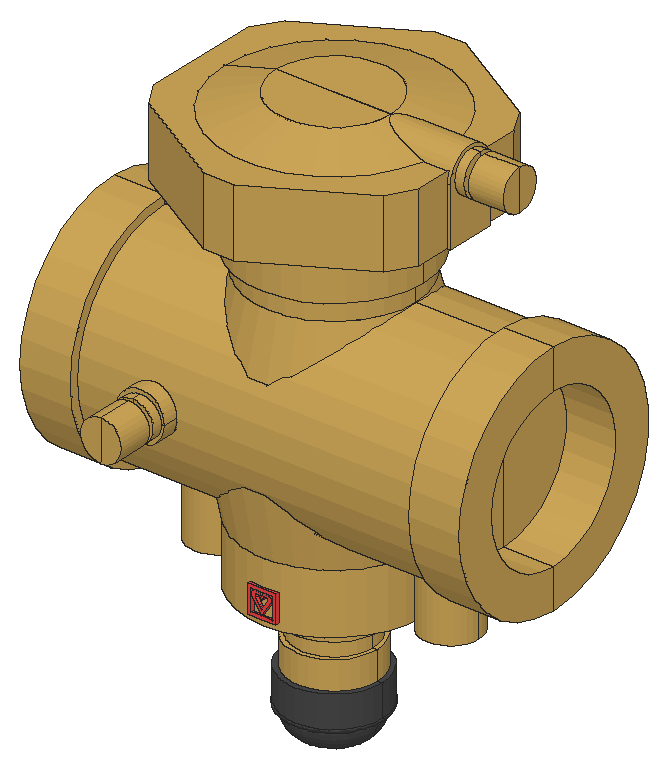
Revit family "Комби-клапан – регулятор расхода 4206_R", category Rohrzubehör, Revit 2018
Family settings
  Bemaßung runder Anschluss = Durchmesser verwenden
  Teiletyp = Unterbricht
  OmniClass-Nummer = 23.65.55.14
  OmniClass-Titel = Valves for Liquid Services
  Arbeitsebenenbasiert = Nein
  Immer vertikal = Ja
  Beim Laden mit Abzugskörper schneiden = Nein
  Gemeinsam genutzt = Nein
Parameters
  Среда = "Качество теплоносителя в соответствии с ÖNORM H5195 и/или предписаниями VDI-Standard 2035.\nРазрешается использование смеси этилен- или пропиленгликоля в соотношении 25-50% с водой."
  Номер заказа [instance] = size_lookup("4206R_", "Artnr", 0, Nennweite)  # 1420646
  Мин. рабочая температура (антифриз) = -20 °C  # constant formula
  Макс. рабочая температура до DN32 = 130 °C  # constant formula
  Макс. рабочая температура от DN40 = 110 °C  # constant formula
  Макс. рабочее давление = 2500000.0 Pa  # constant formula
  URL = "www.herz-armaturen.ru"
  Шпиндель = "Нержавеющая сталь 14301"  # constant formula
  SCRNSEQ = "ARM;ARM_TYP=\"DURR\";2"
  SCRNCODE = "05;04;02"  # constant formula
  S03 [instance] = H08 + (S02 / 2)  # 72.750 mm
  S02 [instance] = H09 + 4.700 mm  # 26.500 mm
  S01 [instance] = G01 * 2  # 75.200 mm
  R12 = 3.900 mm  # constant formula
  R11 = 6.500 mm  # constant formula
  R10 = 35.000 mm  # constant formula
  R09 = 18.250 mm  # constant formula
  R08 = 11.300 mm  # constant formula
  R07 [instance] = size_lookup("4206R_", "R7", 17.300 mm, Nennweite)  # 28.500 mm
  R06 [instance] = size_lookup("4206R_", "R6", 19.000 mm, Nennweite)  # 28.000 mm
  R05 = 15.000 mm  # constant formula
  R04 = 12.500 mm  # constant formula
  R02 [instance] = size_lookup("4206R_", "R2", 15.000 mm, Nennweite)  # 26.000 mm
  R01 [instance] = size_lookup("4206R_", "R1", 11.500 mm, Nennweite)  # 35.000 mm
  PN = 25  # constant formula
  Кольцевое уплотнение O-Ring = "EPDM"  # constant formula
  Nennweite [instance] = 50.000 mm
  Мин. рабочая температура (чистая вода) = 2 °C  # constant formula
  Корпус мембраны = "Латунь CW602N"  # constant formula
  Мембрана = "EPDM"  # constant formula
  L06 [instance] = L00 / 2  # 70.000 mm
  L05 = 11.000 mm  # constant formula
  L04 = 1.500 mm  # constant formula
  L03 = 3.200 mm  # constant formula
  L02 = 43.500 mm  # constant formula
  L01 [instance] = size_lookup("4206R_", "L1", 8.000 mm, Nennweite)  # 16.000 mm
  L00 [instance] = size_lookup("4206R_", "L", 66.000 mm, Nennweite)  # 140.000 mm
  Импульсная трубка = "Медь Cu-DHP (CW024A)"  # constant formula
  Ход = 4.000 mm  # constant formula
  Hersteller = "Herz-Armaturen GmbH"  # constant formula
  H13 [instance] = H02 - H05 - H03 - H04 - 2.000 mm  # 52.200 mm
  H12 = 19.250 mm  # constant formula
  H11 [instance] = size_lookup("4206R_", "H11", 59.000 mm, Nennweite)  # 86.000 mm
  H10 [instance] = H08 + H09  # 81.300 mm
  H09 = 21.800 mm  # constant formula
  H08 [instance] = H01 + H06 + H07  # 59.500 mm
  H07 = 4.000 mm  # constant formula
  H06 [instance] = size_lookup("4206R_", "H6", 10.000 mm, Nennweite)  # 14.000 mm
  H05 = 9.000 mm  # constant formula
  H04 [instance] = size_lookup("4206R_", "H4", 9.600 mm, Nennweite)  # 8.500 mm
  H03 [instance] = size_lookup("4206R_", "H3", 13.000 mm, Nennweite)  # 5.700 mm
  H02 [instance] = size_lookup("4206R_", "H2", 55.300 mm, Nennweite)  # 77.400 mm
  H01 [instance] = size_lookup("4206R_", "H1", 18.500 mm, Nennweite)  # 41.500 mm
  Корпус = "Латунь, устойчивая к селективной цинковой коррозии"  # constant formula
  G03 [instance] = Nennweite / 2  # 25.000 mm
  G02 [instance] = size_lookup("4206R_", "G2", 13.900 mm, Nennweite)  # 13.900 mm
  G01 [instance] = size_lookup("4206R_", "G1", 13.200 mm, Nennweite)  # 37.600 mm
  Пружина = "Пружинная нержавеющая сталь"  # constant formula
  DN50 [instance] = Nennweite = 50.000 mm  # yes
  DN40 [instance] = Nennweite = 40.000 mm  # no
  DN32 [instance] = Nennweite = 32.000 mm  # no
  DN25 [instance] = Nennweite = 25.000 mm  # no
  DN20 [instance] = Nennweite = 20.000 mm  # no
  DN15 [instance] = Nennweite = 15.000 mm  # no
  Защитный колпачок = "Пластик"  # constant formula
  Область применения = "Комби-клапан применяется в системах отопления и охлаждения с насосами. Комби-клапан автоматически ограничивает расход на выбранном участке системы до заданного значения, компенсируя все колебания давления. При этом нет необходимости в измерениях, а регулирование эффективно при любых условиях эксплуатации. Комби-клапан регулирует расход в соответствии с настройкой до заданного значения; на мембрану воздействует давление непосредственно до и после регулирующей части."
Reference planes
  plane 1 "Mitte (Vorne/hinten)": y = 0
  plane 2: z = 0
  plane 3 "Mitte (Links/rechts)": x = 0
Forms (mm)
  Revolve 1, solid, material "Messing, weicher Gelbton, geschweißt", detail levels fine
    sketch origin (0, 0, 0) x (1, 0, 0) y (0, 0, 1)
      loop
        line (-54, 0) -> (54, 0) -> (54, 25) -> (70, 25) -> (70, 37.6) -> (54, 37.6) -> (54, 35) -> (-54, 35) -> (-54, 37.6) -> (-70, 37.6) -> (-70, 25) -> (-54, 25) -> (-54, 0)
      axis (-70, 0) -> (70, 0)
    angle from 0 to 360
  Revolve 2, solid, material "Messing, weicher Gelbton, geschweißt", detail levels fine
    sketch origin (0, 0, 0) x (1, 0, 0) y (0, 0, 1)
      loop
        line (0, -77.4) -> (0, 41.5) -> (-26, 41.5) -> (-26, 35) -> (-35, 0) -> (-28, -35) -> (-28, -54.2) -> (-15, -54.2) -> (-15, -62.7) -> (-12.5, -62.7) -> (-12.5, -68.4) -> (-13.9, -68.4) -> (-13.9, -77.4) -> (0, -77.4)
      axis (0, 41.5) -> (0, -77.4)
    angle from 0 to 360
  Revolve 3, solid, material "Messing, weicher Gelbton, geschweißt", detail levels fine
    sketch origin (0, 0, 0) x (1, 0, 0) y (0, 0, 1)
      loop
        line (0, 41.5) -> (0, 59.5) -> (-11.3, 59.5) -> (-11.3, 55.5) -> (-28.5, 55.5) -> (-28.5, 41.5) -> (0, 41.5)
      axis (0, 59.5) -> (0, 41.5)
    angle from 0 to 360
  Extrusion 4, solid, material "Messing, weicher Gelbton, geschweißt", detail levels fine
    sketch origin (0, 0, 0) x (0, -1, 0) y (1, 0, 0)
      loop
        line (-46, -4.75) -> (-27.114, -37.462) -> (-18.886, -42.212) -> (18.886, -42.212) -> (27.114, -37.462) -> (46, -4.75) -> (46, 4.75) -> (27.114, 37.462) -> (18.886, 42.212) -> (-18.886, 42.212) -> (-27.114, 37.462) -> (-46, 4.75) -> (-46, -4.75)
    from 59.5 to 81.3
  Revolve 5, solid, material "Messing, weicher Gelbton, geschweißt", detail levels fine
    sketch origin (0, 0, 0) x (1, 0, 0) y (0, 0, 1)
      loop
        line (0, 81.3) -> (0, 86) -> (-18.25, 86) -> (-35, 81.3) -> (0, 81.3)
      axis (0, 86) -> (0, 81.3)
    angle from 0 to 360
  Extrusion 6, solid, material "Messing, weicher Gelbton, geschweißt", detail levels fine
    sketch origin (0, 0, 0) x (0, 1, 0) y (0, 0, 1)
      loop
        arc (7.85, 78.15) -> (0, 86) -> (-7.85, 78.15) r 7.85
        line (-7.85, 78.15) -> (-7.85, 59.5) -> (7.85, 59.5) -> (7.85, 78.15)
    from 0 to 43.5
  Revolve 7, solid, material "Messing, weicher Gelbton, geschweißt", detail levels fine
    sketch origin (0, 0, 0) x (1, 0, 0) y (0, 0, 1)
      loop
        line (43.5, 78.75) -> (59.2, 78.75) -> (59.2, 85.25) -> (48.2, 85.25) -> (48.2, 82.65) -> (46.7, 82.65) -> (46.7, 85.25) -> (43.5, 85.25) -> (43.5, 78.75)
      axis (43.5, 78.75) -> (59.2, 78.75)
    angle from 0 to 360
  Revolve 8, solid, material "Messing, weicher Gelbton, geschweißt", visible <- "DN15", detail levels fine
    sketch origin (0, 0, 0) x (1, 0, 0) y (0, 1, 0)
      loop
        line (-12.5, 24) -> (-20.2, 24) -> (-20.2, 0) -> (-21.5, 0) -> (-21.5, -27) -> (-12.5, -27) -> (-12.5, 24)
      axis (-12.5, 24) -> (-12.5, -27)
    angle from 0 to 360
  Revolve 9, solid, material "Messing, weicher Gelbton, geschweißt", visible <- "DN15", detail levels fine
    sketch origin (-12.5, 0, 0) x (0, 1, 0) y (0, 0, 1)
      loop
        line (24, 0) -> (39.7, 0) -> (39.7, 6.5) -> (28.7, 6.5) -> (28.7, 3.9) -> (27.2, 3.9) -> (27.2, 6.5) -> (24, 6.5) -> (24, 0)
      axis (24, 0) -> (39.7, 0)
    angle from 0 to 360
  Revolve 10, solid, material "Messing, weicher Gelbton, geschweißt", visible <- "DN15", detail levels fine
    sketch origin (0, 0, 0) x (1, 0, 0) y (0, 1, 0)
      loop
        line (12.5, 0) -> (12.5, -27) -> (21.6, -27) -> (21.6, 0) -> (12.5, 0)
      axis (12.5, 0) -> (12.5, -27)
    angle from 0 to 360
  Revolve 11, solid, material "Messing, weicher Gelbton, geschweißt", visible <- "DN20", detail levels fine
    sketch origin (-2, 0, 0) x (1, 0, 0) y (0, 1, 0)
      loop
        line (-12.5, 27) -> (-20.2, 27) -> (-20.2, 0) -> (-21.5, 0) -> (-21.5, -29) -> (-12.5, -29) -> (-12.5, 27)
      axis (-12.5, 27) -> (-12.5, -29)
    angle from 0 to 360
  Revolve 12, solid, material "Messing, weicher Gelbton, geschweißt", visible <- "DN20", detail levels fine
    sketch origin (2, 0, 0) x (1, 0, 0) y (0, 1, 0)
      loop
        line (12.5, 0) -> (12.5, -29) -> (21.6, -29) -> (21.6, 0) -> (12.5, 0)
      axis (12.5, 0) -> (12.5, -29)
    angle from 0 to 360
  Revolve 13, solid, material "Messing, weicher Gelbton, geschweißt", visible <- "DN20", detail levels fine
    sketch origin (-14.5, 3, 0) x (0, 1, 0) y (0, 0, 1)
      loop
        line (24, 0) -> (39.7, 0) -> (39.7, 6.5) -> (28.7, 6.5) -> (28.7, 3.9) -> (27.2, 3.9) -> (27.2, 6.5) -> (24, 6.5) -> (24, 0)
      axis (24, 0) -> (39.7, 0)
    angle from 0 to 360
  Revolve 14, solid, material "Messing, weicher Gelbton, geschweißt", visible <- "DN25", detail levels fine
    sketch origin (-2.1, 0, 0) x (1, 0, 0) y (0, 1, 0)
      loop
        line (-12.5, 27) -> (-20.2, 27) -> (-20.2, 0) -> (-21.5, 0) -> (-21.5, -29) -> (-12.5, -29) -> (-12.5, 27)
      axis (-12.5, 27) -> (-12.5, -29)
    angle from 0 to 360
  Revolve 15, solid, material "Messing, weicher Gelbton, geschweißt", visible <- "DN25", detail levels fine
    sketch origin (-14.6, 3, 0) x (0, 1, 0) y (0, 0, 1)
      loop
        line (24, 0) -> (39.7, 0) -> (39.7, 6.5) -> (28.7, 6.5) -> (28.7, 3.9) -> (27.2, 3.9) -> (27.2, 6.5) -> (24, 6.5) -> (24, 0)
      axis (24, 0) -> (39.7, 0)
    angle from 0 to 360
  Revolve 16, solid, material "Messing, weicher Gelbton, geschweißt", visible <- "DN25", detail levels fine
    sketch origin (2.1, 0, 0) x (1, 0, 0) y (0, 1, 0)
      loop
        line (12.5, 0) -> (12.5, -29) -> (21.6, -29) -> (21.6, 0) -> (12.5, 0)
      axis (12.5, 0) -> (12.5, -29)
    angle from 0 to 360
  Revolve 17, solid, material "Messing, weicher Gelbton, geschweißt", visible <- "DN32", detail levels fine
    sketch origin (0, 0, 0.637) x (1, 0, 0) y (0, 0, 1)
      loop
        line (-31.5, -0.637) -> (-40.5, -0.637) -> (-40.5, -43.437) -> (-31.5, -43.437) -> (-31.5, -0.637)
      axis (-31.5, -43.437) -> (-31.5, -0.637)
    angle from 0 to 360
  Revolve 18, solid, material "Messing, weicher Gelbton, geschweißt", visible <- "DN32", detail levels fine
    sketch origin (0, 0, 0.637) x (-1, 0, 0) y (0, 0, 1)
      loop
        line (-31.5, -0.637) -> (-40.5, -0.637) -> (-40.5, -43.437) -> (-31.5, -43.437) -> (-31.5, -0.637)
      axis (-31.5, -43.437) -> (-31.5, -0.637)
    angle from 0 to 360
  Revolve 19, solid, material "Messing, weicher Gelbton, geschweißt", visible <- "DN40", detail levels fine
    sketch origin (0, 0, 0) x (1, 0, 0) y (0, 0, 1)
      loop
        line (-37, 0) -> (-46, 0) -> (-46, -54.2) -> (-37, -54.2) -> (-37, 0)
      axis (-37, 0) -> (-37, -54.2)
    angle from 0 to 360
  Revolve 20, solid, material "Messing, weicher Gelbton, geschweißt", visible <- "DN40", detail levels fine
    sketch origin (0, 0, 0) x (-1, 0, 0) y (0, 0, 1)
      loop
        line (-37, 0) -> (-46, 0) -> (-46, -54.2) -> (-37, -54.2) -> (-37, 0)
      axis (-37, 0) -> (-37, -54.2)
    angle from 0 to 360
  Revolve 21, solid, material "Messing, weicher Gelbton, geschweißt", visible <- "DN50", detail levels fine
    sketch origin (-0.1, 0, 0) x (1, 0, 0) y (0, 0, 1)
      loop
        line (-37, 0) -> (-46, 0) -> (-46, -54.2) -> (-37, -54.2) -> (-37, 0)
      axis (-37, 0) -> (-37, -54.2)
    angle from 0 to 360
  Revolve 22, solid, material "Messing, weicher Gelbton, geschweißt", visible <- "DN50", detail levels fine
    sketch origin (0.1, 0, 0) x (-1, 0, 0) y (0, 0, 1)
      loop
        line (-37, 0) -> (-46, 0) -> (-46, -54.2) -> (-37, -54.2) -> (-37, 0)
      axis (-37, 0) -> (-37, -54.2)
    angle from 0 to 360
  Revolve 23, solid, material "Messing, weicher Gelbton, geschweißt", visible <- "DN32", detail levels fine
    sketch origin (-9.5, 0, 0) x (1, 0, 0) y (0, 1, 0)
      loop
        line (-12.5, -31) -> (-12.5, 0) -> (-20.2, 0) -> (-20.2, -31) -> (-12.5, -31)
      axis (-12.5, 0) -> (-12.5, -31)
    angle from 0 to 360
  Revolve 24, solid, material "Messing, weicher Gelbton, geschweißt", visible <- "DN32", detail levels fine
    sketch origin (-22, -7, 0) x (0, -1, 0) y (0, 0, -1)
      loop
        line (24, 0) -> (24, -6.5) -> (27.2, -6.5) -> (27.2, -3.9) -> (28.7, -3.9) -> (28.7, -6.5) -> (39.7, -6.5) -> (39.7, 0) -> (24, 0)
      axis (24, 0) -> (39.7, 0)
    angle from 0 to 360
  Revolve 25, solid, material "Messing, weicher Gelbton, geschweißt", visible <- "DN40", detail levels fine
    sketch origin (-17.5, 0, 0) x (1, 0, 0) y (0, 1, 0)
      loop
        line (-12.5, -39.5) -> (-12.5, 0) -> (-20.2, 0) -> (-20.2, -39.5) -> (-12.5, -39.5)
      axis (-12.5, 0) -> (-12.5, -39.5)
    angle from 0 to 360
  Revolve 26, solid, material "Messing, weicher Gelbton, geschweißt", visible <- "DN40", detail levels fine
    sketch origin (-30, -15.5, 0) x (0, -1, 0) y (0, 0, -1)
      loop
        line (24, 0) -> (24, -6.5) -> (27.2, -6.5) -> (27.2, -3.9) -> (28.7, -3.9) -> (28.7, -6.5) -> (39.7, -6.5) -> (39.7, 0) -> (24, 0)
      axis (24, 0) -> (39.7, 0)
    angle from 0 to 360
  Revolve 27, solid, material "Messing, weicher Gelbton, geschweißt", visible <- "DN50", detail levels fine
    sketch origin (-17.6, 0, 0) x (1, 0, 0) y (0, 1, 0)
      loop
        line (-12.5, -39.5) -> (-12.5, 0) -> (-20.2, 0) -> (-20.2, -39.5) -> (-12.5, -39.5)
      axis (-12.5, 0) -> (-12.5, -39.5)
    angle from 0 to 360
  Revolve 28, solid, material "Messing, weicher Gelbton, geschweißt", visible <- "DN50", detail levels fine
    sketch origin (-30.1, -15.5, 0) x (0, -1, 0) y (0, 0, -1)
      loop
        line (24, 0) -> (24, -6.5) -> (27.2, -6.5) -> (27.2, -3.9) -> (28.7, -3.9) -> (28.7, -6.5) -> (39.7, -6.5) -> (39.7, 0) -> (24, 0)
      axis (24, 0) -> (39.7, 0)
    angle from 0 to 360
Lines and regions (mm)
  model lines, detail levels coarse+medium
    curve 1: line (-70, 0, 37.6) -> (-70, 0, -37.6)
    curve 2: line (-70, 0, -37.6) -> (70, 0, 37.6)
    curve 3: line (70, 0, 37.6) -> (70, 0, -37.6)
    curve 4: line (70, 0, -37.6) -> (-70, 0, 37.6)
    curve 5: line (0, 0, 41.5) -> (0, 0, 59.5)
    curve 6: spline (-43.5, 0, 72.75) -> (-42.018, 0, 76.179) -> (-37.672, 0, 79.375) -> (-30.759, 0, 82.119) -> (-21.75, 0, 84.225) -> (-11.259, 0, 85.549) -> (0, 0, 86) -> (11.259, 0, 85.549) -> (21.75, 0, 84.225) -> (30.759, 0, 82.119) -> (37.672, 0, 79.375) -> (42.018, 0, 76.179) -> (43.5, 0, 72.75) -> (42.018, 0, 69.321) -> (37.672, 0, 66.125) -> (30.759, 0, 63.381) -> (21.75, 0, 61.275) -> (11.259, 0, 59.951) -> (0, 0, 59.5) -> (-11.259, 0, 59.951) -> (-21.75, 0, 61.275) -> (-30.759, 0, 63.381) -> (-37.672, 0, 66.125) -> (-42.018, 0, 69.321) -> (-43.5, 0, 72.75)
    curve 7: line (-70, 37.6, 0) -> (-70, -37.6, 0)
    curve 8: line (-70, -37.6, 0) -> (70, 37.6, 0)
    curve 9: line (70, 37.6, 0) -> (70, -37.6, 0)
    curve 10: line (70, -37.6, 0) -> (-70, 37.6, 0)
    curve 11: line (0, -41.5, 0) -> (0, -59.5, 0)
    curve 12: spline (-43.5, -72.75, 0) -> (-42.018, -69.321, 0) -> (-37.672, -66.125, 0) -> (-30.759, -63.381, 0) -> (-21.75, -61.275, 0) -> (-11.259, -59.951, 0) -> (0, -59.5, 0) -> (11.259, -59.951, 0) -> (21.75, -61.275, 0) -> (30.759, -63.381, 0) -> (37.672, -66.125, 0) -> (42.018, -69.321, 0) -> (43.5, -72.75, 0) -> (42.018, -76.179, 0) -> (37.672, -79.375, 0) -> (30.759, -82.119, 0) -> (21.75, -84.225, 0) -> (11.259, -85.549, 0) -> (0, -86, 0) -> (-11.259, -85.549, 0) -> (-21.75, -84.225, 0) -> (-30.759, -82.119, 0) -> (-37.672, -79.375, 0) -> (-42.018, -76.179, 0) -> (-43.5, -72.75, 0)
    curve 13: line (0, 0, 41.5) -> (-35, 0, 18.8)
    curve 14: line (0, 0, 41.5) -> (35, 0, 18.8)
    curve 15: line (0, -41.5, 0) -> (-35, -18.8, 0)
    curve 16: line (0, -41.5, 0) -> (35, -18.8, 0)
Dimensions and locks
  equal spacing: Revolve 1 sketch curve, plane 3 "Mitte (Links/rechts)", Revolve 1 sketch curve
  "L00": Revolve 1 sketch curve to Revolve 1 sketch curve
  "G01": Revolve 1 sketch curve to Revolve 1 sketch curve  (x2)
  "R01": Revolve 1 sketch curve to Revolve 1 sketch curve
  "L01": Revolve 1 sketch curve to Revolve 1 sketch curve  (x4)
  "H01": Revolve 2 sketch curve to plane 2
  "R01": Revolve 2 sketch curve to plane 2
  "R02": Revolve 2 sketch curve to Revolve 2 sketch curve
  "R01": Revolve 2 sketch curve to Revolve 2 sketch curve
  "H02": plane 2 to Revolve 2 sketch curve
  "G02": plane 3 "Mitte (Links/rechts)" to Revolve 2 sketch curve
  "H05": Revolve 2 sketch curve to Revolve 2 sketch curve
  "R04": Revolve 2 sketch curve to Revolve 2 sketch curve
  "R05": Revolve 2 sketch curve to Revolve 2 sketch curve
  "R06": Revolve 2 sketch curve to Revolve 2 sketch curve
  "R01": plane 2 to Revolve 2 sketch curve
  "H03": Revolve 2 sketch curve to Revolve 2 sketch curve
  "H04": Revolve 2 sketch curve to Revolve 2 sketch curve
  "H01": Revolve 3 sketch curve to plane 2
  "H06": Revolve 3 sketch curve to Revolve 3 sketch curve
  "R07": Revolve 3 sketch curve to Revolve 3 sketch curve
  "H07": Revolve 3 sketch curve to Revolve 3 sketch curve
  "R08": Revolve 3 sketch curve to Revolve 3 sketch curve
  "H08": Extrusion 4 to plane 2
  "H09": Extrusion 4 to Extrusion 4
  "H10": Revolve 5 sketch curve to plane 2
  "H11": Revolve 5 sketch curve to plane 2
  "R09": Revolve 5 sketch curve to Revolve 5 sketch curve
  "R10": Revolve 5 sketch curve to Revolve 5 sketch curve
  "L02": Extrusion 6 to plane 3 "Mitte (Links/rechts)"
  "H08": Extrusion 6 to plane 2
  "H12": Revolve 7 sketch curve to Extrusion 4
  "R11": Revolve 7 sketch curve to Revolve 7 sketch curve  (x2)
  "L03": Revolve 7 sketch curve to Revolve 7 sketch curve
  "L04": Revolve 7 sketch curve to Revolve 7 sketch curve
  "L05": Revolve 7 sketch curve to Revolve 7 sketch curve
  "R12": Revolve 7 sketch curve to Revolve 7 sketch curve
  "R11": Revolve 9 sketch curve to Revolve 9 sketch curve  (x2)
  "L03": Revolve 9 sketch curve to Revolve 9 sketch curve
  "L04": Revolve 9 sketch curve to Revolve 9 sketch curve
  "L05": Revolve 9 sketch curve to Revolve 9 sketch curve
  "R12": Revolve 9 sketch curve to Revolve 9 sketch curve
  "R06": plane 1 "Mitte (Vorne/hinten)" to nested 1
  Revolve 11 sketch curve to plane 1 "Mitte (Vorne/hinten)" = 29.000 mm
  plane 1 "Mitte (Vorne/hinten)" to Revolve 11 sketch curve = 27.000 mm
  Revolve 12 sketch curve to plane 1 "Mitte (Vorne/hinten)" = 29.000 mm
  "R11": Revolve 13 sketch curve to Revolve 13 sketch curve  (x2)
  "L03": Revolve 13 sketch curve to Revolve 13 sketch curve
  "L04": Revolve 13 sketch curve to Revolve 13 sketch curve
  "L05": Revolve 13 sketch curve to Revolve 13 sketch curve
  "R12": Revolve 13 sketch curve to Revolve 13 sketch curve
  "H13": plane 2 to nested 1
  "R11": Revolve 15 sketch curve to Revolve 15 sketch curve  (x2)
  "L03": Revolve 15 sketch curve to Revolve 15 sketch curve
  "L04": Revolve 15 sketch curve to Revolve 15 sketch curve
  "L05": Revolve 15 sketch curve to Revolve 15 sketch curve
  "R12": Revolve 15 sketch curve to Revolve 15 sketch curve
  plane 3 "Mitte (Links/rechts)" to Revolve 17 sketch curve = 31.500 mm
  Revolve 17 sketch curve to Revolve 17 sketch curve = 9.000 mm
  plane 2 to Revolve 17 sketch curve = 42.800 mm
  Revolve 18 sketch curve to Revolve 18 sketch curve = 9.000 mm
  "H02": plane 2 to nested 2
  "G03": Revolve 1 sketch curve to plane 2  (x2)
  "S01": curve 4 to curve 2
  equal spacing: curve 4, plane 2, curve 2
  equal spacing: curve 3, plane 2, curve 4
  "S01": curve 3 to curve 4
  equal spacing: curve 1, plane 3 "Mitte (Links/rechts)", curve 3
  "L00": curve 1 to curve 3
  "H08": curve 5 to plane 2
  "S02": curve 6 to curve 6
  "L02": curve 6 to plane 3 "Mitte (Links/rechts)" to curve 6
  "S03": curve 6 to plane 2
  equal spacing: curve 7, plane 3 "Mitte (Links/rechts)", curve 9
  "L00": curve 7 to curve 9
  equal spacing: curve 8, plane 1 "Mitte (Vorne/hinten)", curve 10
  "S01": curve 10 to curve 8
  equal spacing: curve 10, plane 1 "Mitte (Vorne/hinten)", curve 9
  "S01": curve 9 to curve 10
  "H08": curve 11 to plane 1 "Mitte (Vorne/hinten)"
  "S02": curve 12 to curve 12
  "L02": curve 12 to plane 3 "Mitte (Links/rechts)" to curve 12
  "S03": curve 12 to plane 1 "Mitte (Vorne/hinten)"
  equal spacing: plane 3 "Mitte (Links/rechts)", curve 13, curve 4
  equal spacing: curve 3, curve 14, plane 3 "Mitte (Links/rechts)"
  "H01": curve 14 to plane 2
  equal spacing: plane 3 "Mitte (Links/rechts)", curve 15, curve 8
  equal spacing: curve 10, curve 16, plane 3 "Mitte (Links/rechts)"
  "H01": curve 16 to plane 1 "Mitte (Vorne/hinten)"
  "R11": Revolve 24 sketch curve to Revolve 24 sketch curve  (x2)
  "L03": Revolve 24 sketch curve to Revolve 24 sketch curve
  "L04": Revolve 24 sketch curve to Revolve 24 sketch curve
  "L05": Revolve 24 sketch curve to Revolve 24 sketch curve
  "R12": Revolve 24 sketch curve to Revolve 24 sketch curve
  Revolve 23 sketch curve to Revolve 23 sketch curve = 31.000 mm
  "R11": Revolve 26 sketch curve to Revolve 26 sketch curve  (x2)
  "L03": Revolve 26 sketch curve to Revolve 26 sketch curve
  "L04": Revolve 26 sketch curve to Revolve 26 sketch curve
  "L05": Revolve 26 sketch curve to Revolve 26 sketch curve
  "R12": Revolve 26 sketch curve to Revolve 26 sketch curve
  Revolve 25 sketch curve to Revolve 25 sketch curve = 39.500 mm
  "R11": Revolve 28 sketch curve to Revolve 28 sketch curve  (x2)
  "L03": Revolve 28 sketch curve to Revolve 28 sketch curve
  "L04": Revolve 28 sketch curve to Revolve 28 sketch curve
  "L05": Revolve 28 sketch curve to Revolve 28 sketch curve
  "R12": Revolve 28 sketch curve to Revolve 28 sketch curve
  Revolve 27 sketch curve to Revolve 27 sketch curve = 39.500 mm
  aligned and locked: level to plane 2
Automatic sketch dimensions
  plane 3 "Mitte (Links/rechts)" to Extrusion 4 sketch curve = 4.750 mm  (x2)
  Extrusion 4 sketch curve to plane 1 "Mitte (Vorne/hinten)" = 46.000 mm
  Extrusion 4 sketch curve to plane 1 "Mitte (Vorne/hinten)" = 27.114 mm  (x2)
  Extrusion 4 sketch curve to Extrusion 4 sketch curve = 8.227 mm  (x4)
  plane 1 "Mitte (Vorne/hinten)" to Extrusion 4 sketch curve = 18.886 mm  (x2)
  Extrusion 4 sketch curve to Extrusion 4 sketch curve = 18.886 mm
  Extrusion 4 sketch curve to plane 3 "Mitte (Links/rechts)" = 4.750 mm  (x2)
  Extrusion 4 sketch curve to plane 3 "Mitte (Links/rechts)" = 37.462 mm  (x2)
  Extrusion 4 sketch curve to Extrusion 4 sketch curve = 4.750 mm  (x2)
  plane 3 "Mitte (Links/rechts)" to Extrusion 4 sketch curve = 37.462 mm  (x2)
  Extrusion 6 sketch curve to plane 1 "Mitte (Vorne/hinten)" = 0.000 mm
  plane 1 "Mitte (Vorne/hinten)" to Extrusion 6 sketch curve = 7.850 mm
  level to Extrusion 6 sketch curve = 59.500 mm
  Extrusion 6 sketch curve to Extrusion 6 sketch curve = 18.650 mm
  Extrusion 6 sketch curve to Extrusion 6 sketch curve = 0.000 mm
  plane 1 "Mitte (Vorne/hinten)" to Revolve 8 sketch curve = 0.000 mm
  Revolve 8 sketch curve to plane 3 "Mitte (Links/rechts)" = 21.500 mm
  Revolve 8 sketch curve to plane 3 "Mitte (Links/rechts)" = 20.200 mm
  Revolve 8 sketch curve to Revolve 8 sketch curve = 7.700 mm
  plane 1 "Mitte (Vorne/hinten)" to Revolve 8 sketch curve = 27.000 mm
  Revolve 8 sketch curve to plane 1 "Mitte (Vorne/hinten)" = 24.000 mm
  Revolve 8 sketch curve to Revolve 8 sketch curve = 0.000 mm  (x3)
  plane 1 "Mitte (Vorne/hinten)" to Revolve 10 sketch curve = 0.000 mm  (x2)
  plane 3 "Mitte (Links/rechts)" to Revolve 10 sketch curve = 12.500 mm
  Revolve 10 sketch curve to Revolve 10 sketch curve = 9.100 mm
  plane 1 "Mitte (Vorne/hinten)" to Revolve 10 sketch curve = 27.000 mm
  Revolve 10 sketch curve to Revolve 10 sketch curve = 0.000 mm  (x2)
  plane 1 "Mitte (Vorne/hinten)" to Revolve 11 sketch curve = 0.000 mm
  Revolve 11 sketch curve to plane 3 "Mitte (Links/rechts)" = 23.500 mm
  Revolve 11 sketch curve to plane 3 "Mitte (Links/rechts)" = 22.200 mm
  Revolve 11 sketch curve to Revolve 11 sketch curve = 7.700 mm
  Revolve 11 sketch curve to Revolve 11 sketch curve = 0.000 mm
  Revolve 11 sketch curve to Revolve 11 sketch curve = 2.000 mm
  Revolve 11 sketch curve to Revolve 11 sketch curve = 3.000 mm
  plane 1 "Mitte (Vorne/hinten)" to Revolve 12 sketch curve = 0.000 mm  (x2)
  plane 3 "Mitte (Links/rechts)" to Revolve 12 sketch curve = 14.500 mm
  Revolve 12 sketch curve to Revolve 12 sketch curve = 9.100 mm
  Revolve 12 sketch curve to Revolve 12 sketch curve = 0.000 mm
  Revolve 12 sketch curve to Revolve 12 sketch curve = 2.000 mm
  plane 1 "Mitte (Vorne/hinten)" to Revolve 14 sketch curve = 0.000 mm
  Revolve 14 sketch curve to plane 3 "Mitte (Links/rechts)" = 23.600 mm
  Revolve 14 sketch curve to plane 3 "Mitte (Links/rechts)" = 22.300 mm
  Revolve 14 sketch curve to Revolve 14 sketch curve = 7.700 mm
  plane 1 "Mitte (Vorne/hinten)" to Revolve 14 sketch curve = 29.000 mm
  Revolve 14 sketch curve to Revolve 14 sketch curve = 27.000 mm
  Revolve 14 sketch curve to Revolve 14 sketch curve = 0.000 mm
  Revolve 14 sketch curve to Revolve 14 sketch curve = 2.000 mm
  Revolve 14 sketch curve to Revolve 14 sketch curve = 3.000 mm
  plane 1 "Mitte (Vorne/hinten)" to Revolve 16 sketch curve = 0.000 mm  (x2)
  plane 3 "Mitte (Links/rechts)" to Revolve 16 sketch curve = 14.600 mm
  Revolve 16 sketch curve to Revolve 16 sketch curve = 9.100 mm
  Revolve 16 sketch curve to Revolve 16 sketch curve = 29.000 mm
  Revolve 16 sketch curve to Revolve 16 sketch curve = 0.000 mm
  Revolve 16 sketch curve to Revolve 16 sketch curve = 2.000 mm
  Revolve 17 sketch curve to level = 0.000 mm
  Revolve 17 sketch curve to Revolve 17 sketch curve = 0.000 mm
  Revolve 17 sketch curve to Revolve 17 sketch curve = 4.238 mm
  level to Revolve 17 sketch curve = 0.637 mm
  Revolve 18 sketch curve to level = 0.000 mm
  Revolve 18 sketch curve to plane 3 "Mitte (Links/rechts)" = 40.500 mm
  level to Revolve 18 sketch curve = 42.800 mm
  Revolve 18 sketch curve to Revolve 18 sketch curve = 0.000 mm
  Revolve 18 sketch curve to Revolve 18 sketch curve = 4.238 mm
  Revolve 18 sketch curve to level = 0.637 mm
  Revolve 19 sketch curve to level = 0.000 mm  (x2)
  Revolve 19 sketch curve to plane 3 "Mitte (Links/rechts)" = 46.000 mm
  Revolve 19 sketch curve to Revolve 19 sketch curve = 9.000 mm
  Revolve 19 sketch curve to level = 54.200 mm
  Revolve 19 sketch curve to Revolve 19 sketch curve = 0.000 mm  (x2)
  Revolve 20 sketch curve to level = 0.000 mm  (x2)
  Revolve 20 sketch curve to plane 3 "Mitte (Links/rechts)" = 46.000 mm
  Revolve 20 sketch curve to Revolve 20 sketch curve = 9.000 mm
  level to Revolve 20 sketch curve = 54.200 mm
  Revolve 20 sketch curve to Revolve 20 sketch curve = 0.000 mm  (x2)
  Revolve 21 sketch curve to level = 0.000 mm  (x2)
  Revolve 21 sketch curve to plane 3 "Mitte (Links/rechts)" = 46.100 mm
  Revolve 21 sketch curve to Revolve 21 sketch curve = 9.000 mm
  Revolve 21 sketch curve to Revolve 21 sketch curve = 54.200 mm
  Revolve 21 sketch curve to Revolve 21 sketch curve = 0.000 mm  (x2)
  Revolve 22 sketch curve to level = 0.000 mm  (x2)
  Revolve 22 sketch curve to plane 3 "Mitte (Links/rechts)" = 46.100 mm
  Revolve 22 sketch curve to Revolve 22 sketch curve = 9.000 mm
  Revolve 22 sketch curve to Revolve 22 sketch curve = 54.200 mm
  Revolve 22 sketch curve to Revolve 22 sketch curve = 0.000 mm  (x2)
  plane 1 "Mitte (Vorne/hinten)" to Revolve 23 sketch curve = 0.000 mm  (x2)
  Revolve 23 sketch curve to plane 3 "Mitte (Links/rechts)" = 29.700 mm
  Revolve 23 sketch curve to Revolve 23 sketch curve = 7.700 mm
  Revolve 23 sketch curve to Revolve 23 sketch curve = 0.000 mm
  Revolve 23 sketch curve to Revolve 23 sketch curve = 7.000 mm
  plane 1 "Mitte (Vorne/hinten)" to Revolve 25 sketch curve = 0.000 mm  (x2)
  Revolve 25 sketch curve to plane 3 "Mitte (Links/rechts)" = 37.700 mm
  Revolve 25 sketch curve to Revolve 25 sketch curve = 7.700 mm
  Revolve 25 sketch curve to Revolve 25 sketch curve = 0.000 mm
  Revolve 25 sketch curve to Revolve 25 sketch curve = 15.500 mm
  plane 1 "Mitte (Vorne/hinten)" to Revolve 27 sketch curve = 0.000 mm  (x2)
  Revolve 27 sketch curve to plane 3 "Mitte (Links/rechts)" = 37.800 mm
  Revolve 27 sketch curve to Revolve 27 sketch curve = 7.700 mm
  Revolve 27 sketch curve to Revolve 27 sketch curve = 0.000 mm
  Revolve 27 sketch curve to Revolve 27 sketch curve = 15.500 mm
  curve 13 to plane 3 "Mitte (Links/rechts)" = 0.000 mm
  curve 15 to plane 3 "Mitte (Links/rechts)" = 0.000 mm
  Revolve 1 sketch curve to level = 0.000 mm  (x2)
  Revolve 1 sketch curve to Revolve 1 sketch curve = 1473.530 mm
  Revolve 1 sketch curve to Revolve 1 sketch curve = 1806.148 mm
  Revolve 2 sketch curve to level = 0.000 mm
  Revolve 2 sketch curve to plane 3 "Mitte (Links/rechts)" = 0.000 mm
  plane 3 "Mitte (Links/rechts)" to Revolve 2 sketch curve = 0.000 mm
  Revolve 2 sketch curve to Revolve 2 sketch curve = 310.745 mm
  Revolve 2 sketch curve to Revolve 2 sketch curve = 2195.815 mm
  Revolve 3 sketch curve to plane 3 "Mitte (Links/rechts)" = 0.000 mm  (x2)
  Revolve 3 sketch curve to level = 366.045 mm
  Revolve 3 sketch curve to Revolve 3 sketch curve = 2178.815 mm
  Revolve 5 sketch curve to plane 3 "Mitte (Links/rechts)" = 0.000 mm  (x2)
  Revolve 5 sketch curve to level = 366.045 mm
  Revolve 5 sketch curve to Revolve 5 sketch curve = 2155.315 mm
  plane 3 "Mitte (Links/rechts)" to Revolve 7 sketch curve = 43.500 mm
  Revolve 7 sketch curve to Revolve 7 sketch curve = 0.000 mm  (x3)
  Revolve 9 sketch curve to level = 0.000 mm  (x2)
  Revolve 9 sketch curve to plane 1 "Mitte (Vorne/hinten)" = 24.000 mm
  Revolve 9 sketch curve to Revolve 9 sketch curve = 0.000 mm  (x2)
  Revolve 13 sketch curve to level = 0.000 mm  (x2)
  Revolve 13 sketch curve to plane 1 "Mitte (Vorne/hinten)" = 27.000 mm
  Revolve 13 sketch curve to Revolve 13 sketch curve = 0.000 mm  (x2)
  Revolve 15 sketch curve to level = 0.000 mm  (x2)
  Revolve 15 sketch curve to plane 1 "Mitte (Vorne/hinten)" = 27.000 mm
  Revolve 15 sketch curve to Revolve 15 sketch curve = 0.000 mm  (x2)
  Revolve 24 sketch curve to level = 0.000 mm  (x2)
  plane 1 "Mitte (Vorne/hinten)" to Revolve 24 sketch curve = 31.000 mm
  Revolve 24 sketch curve to Revolve 24 sketch curve = 0.000 mm  (x2)
  Revolve 26 sketch curve to level = 0.000 mm  (x2)
  plane 1 "Mitte (Vorne/hinten)" to Revolve 26 sketch curve = 39.500 mm
  Revolve 26 sketch curve to Revolve 26 sketch curve = 0.000 mm  (x2)
  Revolve 28 sketch curve to level = 0.000 mm  (x2)
  plane 1 "Mitte (Vorne/hinten)" to Revolve 28 sketch curve = 39.500 mm
  Revolve 28 sketch curve to Revolve 28 sketch curve = 0.000 mm  (x2)
Nested families
  nested 1: "Herz-Logo-vorne" at (-0.018, -28, -47.7) x (0, 1, 0) z (0, 0, 1), type "Herz-Logo-vorne", detail levels fine
  nested 2: "Bauschutzkappe für Kombiventil" at (0, 0, -77.4), type "Bauschutzkappe für Kombiventil", detail levels fine
Connectors
  piping at (-54, 0, 0), diameter 50, driven by "Nennweite"
    settings: on Revolve 1, index 1, connector inside diameter 609.6 mm, connector length 0.000 mm, flow factor 0, pipe flow 0.0 L/s, pressure drop 0.0 Pa, fitting loss kfactor 0, connector angle 0.00°, fixture units 0, engagement length 0.000 mm, angle of deflection 0.00°, flow configuration 0, flow direction 2, fitting loss method 0, system type 29, joint type 0, gender type 0, connector reference index -1, connector utility 0, adjustable connector no, is connector primary yes, connector description ""
  piping at (54, 0, 0), diameter 50, driven by "Nennweite"
    settings: on Revolve 1, index 2, connector inside diameter 609.6 mm, connector length 0.000 mm, flow factor 0, pipe flow 0.0 L/s, pressure drop 0.0 Pa, fitting loss kfactor 0, connector angle 0.00°, fixture units 0, engagement length 0.000 mm, angle of deflection 0.00°, flow configuration 0, flow direction 1, fitting loss method 0, system type 29, joint type 0, gender type 0, connector reference index -1, connector utility 0, adjustable connector no, is connector primary no, connector description ""
Definition of nested family "Herz-Logo-vorne"
  Reference planes
    plane 1 "Mitte (Vorne/hinten)": y = 0
    plane 2: z = 0
    plane 3 "Mitte (Links/rechts)": x = 0
  Forms (mm)
    Extrusion 1, solid
      sketch origin (0.732, -0.018, 0.017) x (0, -1, 0) y (0, 0, 1)
        loop
          line (-0.018, -4.517) -> (4.482, -4.517) -> (4.482, 4.483) -> (-4.518, 4.483) -> (-4.518, -4.517) -> (-0.018, -4.517)
        loop
          line (-0.05, -3.48) -> (3.482, -3.48) -> (3.482, 3.483) -> (-3.518, 3.483) -> (-3.518, -3.48) -> (-0.05, -3.48)
        loop
          arc (-0.018, 2.383) -> (-1.543, 3.287) -> (-3.067, 2.383) r 1.738
          arc (-3.067, 2.383) -> (-3.191, 1.899) -> (-3.067, 1.415) r 1.009
          line (-3.067, 1.415) -> (-0.018, -3.281) -> (3.032, 1.415)
          arc (3.032, 1.415) -> (3.156, 1.899) -> (3.032, 2.383) r 1.009
          arc (3.032, 2.383) -> (1.507, 3.287) -> (-0.018, 2.383) r 1.738
        loop
          arc (1.885, 1.272) -> (2.005, 1.675) -> (1.885, 2.079) r 0.74
          arc (1.885, 2.079) -> (1.265, 2.416) -> (0.644, 2.079) r 0.74
          line (0.644, 2.079) -> (-0.018, 0.97) -> (-0.679, 2.079)
          arc (-0.679, 2.079) -> (-1.3, 2.416) -> (-1.921, 2.079) r 0.74
          arc (-1.921, 2.079) -> (-2.04, 1.675) -> (-1.921, 1.272) r 0.74
          line (-1.921, 1.272) -> (-0.018, -1.658) -> (1.885, 1.272)
      from 0 to 1.5
  Dimensions and locks
    aligned and locked: level to plane 2
Definition of nested family "Bauschutzkappe für Kombiventil"
  Reference planes
    plane 1 "Mitte (Vorne/hinten)": y = 0
    plane 2: z = 0
    plane 3 "Mitte (Links/rechts)": x = 0
  Forms (mm)
    Revolve 1, solid
      sketch origin (0, 0, 0) x (1, 0, 0) y (0, 0, 1)
        loop
          line (0, 0) -> (-15.5, 0) -> (-15.5, -10.067)
          arc (-15.5, -10.067) -> (-15.733, -10.629) -> (-15.25, -11) r 0.5
          line (-15.25, -11) -> (-14.093, -11)
          arc (-14.093, -11) -> (-11.457, -17.364) -> (-5.093, -20) r 9
          line (-5.093, -20) -> (0, -20) -> (0, 0)
        axis (0, 0) -> (0, -20)
      angle from 0 to 360
  Dimensions and locks
    aligned and locked: level to plane 2
